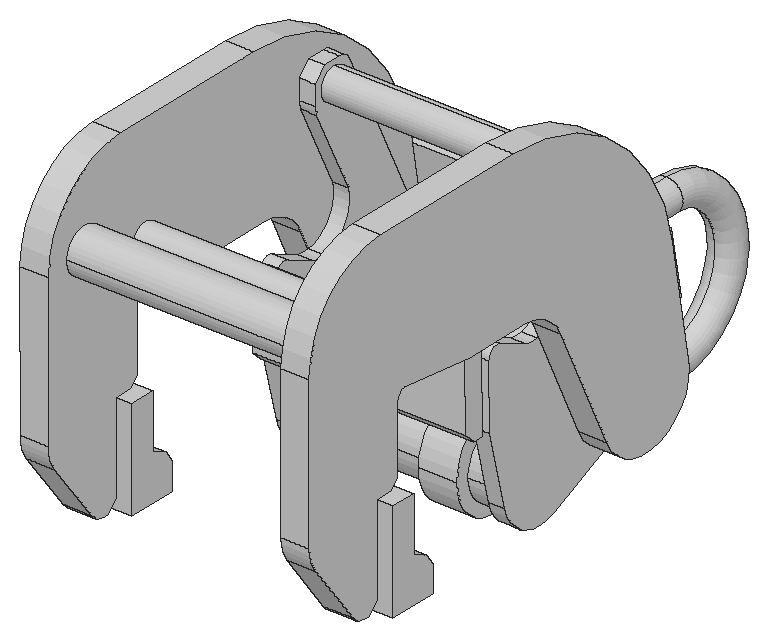
Revit family "EV_ORMA LIFTING HOOK_1900179", category Generic Models, Revit 2018
Family settings
  Can host rebar = No
  Round Connector Dimension = Use Diameter
  Part Type = Normal
  OmniClass Number = 35.51.14.00
  OmniClass Title = FORMWORK
  Work Plane-Based = Yes
  Always vertical = No
  Cut with Voids When Loaded = No
  Shared = Yes
  Room Calculation Point = No
Parameters
  VERSION = "20170217"  # constant formula
  URL = "www.ulmaconstruction.com/en"
  UNICLASS = ""
  Manufacturer = "ULMA CONSTRUCTION"  # constant formula
  ITEM_CODE = "1900179"
  FILTER [instance] = ""
  Default Elevation = 0.000 mm
  CLASSIFICATION_TITLE = ""
  CLASSIFICATION_NUMBER = ""
Reference planes
  plane 1 "Centro (Frontal/Posterior)": y = 0
  plane 2: z = 0
  plane 3 "Centro (Izquierda/Derecha)": x = 0
  plane 4 "01": through (4267.2, 122.718, -84.943) normal (0, 0.0069, -1)
Forms (mm)
  Extrusion 1, solid, material "ULMA ZINC", detail levels medium+fine
    sketch origin (0, 0, 0) x (0, 1, 0) y (0, 0, 1)
      loop
        line (7.823, 79) -> (-75, 79)
        arc (-75, 79) -> (-106.82, 65.82) -> (-120, 34) r 45
        line (-120, 34) -> (-120, -41.333)
        arc (-120, -41.333) -> (-118.974, -47.658) -> (-116, -53.333) r 20
        line (-116, -53.333) -> (-93, -84)
        arc (-93, -84) -> (-89.472, -86.944) -> (-85, -88) r 10
        line (-85, -88) -> (-83, -88) -> (-78, -83) -> (-78, -38) -> (-69, -38) -> (-65, -34) -> (-65, 0)
        arc (-65, 0) -> (-63.307, 3.75) -> (-59.375, 4.961) r 5
        line (-59.375, 4.961) -> (-20, 0) -> (14.438, 0)
        arc (14.438, 0) -> (27.871, -3.915) -> (37.096, -14.435) r 25
        line (37.096, -14.435) -> (65.53, -75.411)
        arc (65.53, -75.411) -> (95.703, -90.391) -> (116.998, -64.289) r 27
        line (116.998, -64.289) -> (106.304, -3.635)
        arc (106.304, -3.635) -> (72.102, 55.604) -> (7.823, 79) r 100
    from 58 to 72
  Extrusion 2, solid, material "ULMA ZINC", detail levels fine
    sketch origin (0, 0, 0) x (0, 1, 0) y (0, 0, 1)
      loop
        line (-53, -88) -> (-53, -74.5) -> (-57.059, -68.703) -> (-65, -65) -> (-65, -38) -> (-78, -38) -> (-78, -88) -> (-53, -88)
    from 50 to 80
  Extrusion 3, solid, material "ULMA ZINC", detail levels medium+fine
    sketch origin (0, 0, 0) x (0, 1, 0) y (0, 0, -1)
      loop
        arc (7.823, -79) -> (72.102, -55.604) -> (106.304, 3.635) r 100
        line (106.304, 3.635) -> (116.998, 64.289)
        arc (116.998, 64.289) -> (95.703, 90.391) -> (65.53, 75.411) r 27
        line (65.53, 75.411) -> (37.096, 14.435)
        arc (37.096, 14.435) -> (27.871, 3.915) -> (14.438, 0) r 25
        line (14.438, 0) -> (-20, 0) -> (-59.375, -4.961)
        arc (-59.375, -4.961) -> (-63.307, -3.75) -> (-65, 0) r 5
        line (-65, 0) -> (-65, 34) -> (-69, 38) -> (-78, 38) -> (-78, 83) -> (-83, 88) -> (-85, 88)
        arc (-85, 88) -> (-89.472, 86.944) -> (-93, 84) r 10
        line (-93, 84) -> (-116, 53.333)
        arc (-116, 53.333) -> (-118.974, 47.658) -> (-120, 41.333) r 20
        line (-120, 41.333) -> (-120, -34)
        arc (-120, -34) -> (-106.82, -65.82) -> (-75, -79) r 45
        line (-75, -79) -> (7.823, -79)
    from 58 to 72
  Extrusion 4, solid, material "ULMA ZINC", detail levels fine
    sketch origin (0, 0, 0) x (0, 1, 0) y (0, 0, 1)
      loop
        circle (-98, 37) r 11
    from -58 to 58
  Extrusion 5, solid, material "ULMA ZINC", detail levels fine
    sketch origin (0, 0, 0) x (0, 1, 0) y (0, 0, 1)
      loop
        circle (-60, 25) r 8
    from -58 to 58
  Extrusion 6, solid, material "ULMA ZINC", detail levels fine
    sketch origin (0, 0, 0) x (0, 1, 0) y (0, 0, 1)
      loop
        line (34.463, -22.978) -> (18.109, -15.557)
        arc (18.109, -15.557) -> (13.313, -15.921) -> (11.043, -20.162) r 5
        line (11.043, -20.162) -> (11.38, -52.812) -> (20.875, -90.826)
        arc (20.875, -90.826) -> (32.618, -105.289) -> (51.245, -105.558) r 22
        line (51.245, -105.558) -> (84.751, -90.485) -> (99.026, -84.063)
        arc (99.026, -84.063) -> (110.661, -71.558) -> (109.842, -54.497) r 22
        line (109.842, -54.497) -> (55.871, 58.19)
        arc (55.871, 58.19) -> (53.631, 60.691) -> (50.398, 61.598) r 6
        line (50.398, 61.598) -> (41.201, 61.503) -> (35.263, 55.441) -> (35.368, 45.291)
        arc (35.368, 45.291) -> (35.627, 43.129) -> (36.349, 41.075) r 10
        line (36.349, 41.075) -> (55.913, 0.226)
        arc (55.913, 0.226) -> (54.145, -15.021) -> (41.259, -23.361) r 18
        arc (41.259, -23.361) -> (37.842, -23.494) -> (34.463, -22.978) r 18
    from 49 to 57
  Extrusion 7, solid, material "ULMA ZINC", detail levels fine
    sketch origin (0, 0, 0) x (0, 1, 0) y (0, 0, 1)
      loop
        line (11.411, -55.811) -> (10.998, -15.814) -> (0.999, -15.917) -> (1.36, -50.915) -> (6.411, -55.863) -> (11.411, -55.811)
    from -53 to 53
  Extrusion 8, solid, material "ULMA ZINC", detail levels fine
    sketch origin (0, 0, 0) x (0, 1, 0) y (0, 0, -1)
      loop
        arc (34.463, 22.978) -> (37.842, 23.494) -> (41.259, 23.361) r 18
        arc (41.259, 23.361) -> (54.145, 15.021) -> (55.913, -0.226) r 18
        line (55.913, -0.226) -> (36.349, -41.075)
        arc (36.349, -41.075) -> (35.627, -43.129) -> (35.368, -45.291) r 10
        line (35.368, -45.291) -> (35.263, -55.441) -> (41.201, -61.503) -> (50.398, -61.598)
        arc (50.398, -61.598) -> (53.631, -60.691) -> (55.871, -58.19) r 6
        line (55.871, -58.19) -> (109.842, 54.497)
        arc (109.842, 54.497) -> (110.661, 71.558) -> (99.026, 84.063) r 22
        line (99.026, 84.063) -> (84.751, 90.485) -> (51.245, 105.558)
        arc (51.245, 105.558) -> (32.618, 105.289) -> (20.875, 90.826) r 22
        line (20.875, 90.826) -> (11.38, 52.812) -> (11.043, 20.162)
        arc (11.043, 20.162) -> (13.313, 15.921) -> (18.109, 15.557) r 5
        line (18.109, 15.557) -> (34.463, 22.978)
    from 49 to 57
  Extrusion 9, solid, material "ULMA ZINC", detail levels fine
    sketch origin (0, 0, 0) x (0, 1, 0) y (0, 0, 1)
      loop
        line (106.573, -4.867) -> (113.519, -44.259) -> (115.489, -43.912) -> (120.356, -36.961) -> (114.452, -3.478) -> (106.573, -4.867)
    from -65 to 65
  Extrusion 10, solid, material "ULMA ZINC", detail levels fine
    sketch origin (0, 0, 0) x (0, 1, 0) y (0, 0, 1)
      loop
        circle (46.308, 51.162) r 8
    from -49 to 49
  Extrusion 11, solid, material "ULMA ZINC", detail levels fine
    sketch origin (0, 0, 0) x (0, 1, 0) y (0, 0, 1)
      loop
        circle (42.219, -85.495) r 18
    from 36 to 48
  Extrusion 12, solid, material "ULMA ZINC", detail levels fine
    sketch origin (-55, 0, 0) x (0, 1, 0) y (0, 0, 1)
      loop
        circle (42.219, -85.495) r 18
    from 41 to 69
  Extrusion 13, solid, material "ULMA ZINC", detail levels fine
    sketch origin (-70, 0, 0) x (0, 1, 0) y (0, 0, 1)
      loop
        circle (42.219, -85.495) r 18
    from 22 to 34
  Sweep 14, solid, material "ULMA ZINC", detail levels fine
    path in 3D
      loop
        arc (0, 192.819, -45.937) -> (0, 231.209, -83.542) -> (0, 193.604, -121.933) r 38
        line (0, 193.604, -121.933) -> (0, 143.607, -122.449)
        arc (0, 143.607, -122.449) -> (0, 105.216, -84.844) -> (0, 142.822, -46.453) r 38
        line (0, 142.822, -46.453) -> (0, 192.819, -45.937)
    profile origin (0, 167.82, -46.195) x (0, -0.01033, 0.999947) y (1, 0, 0)
      loop
        circle (0, 0) r 8
  Extrusion 15, solid, material "ULMA ZINC", detail levels fine
    sketch origin (0, 0, 0) x (0, 1, 0) y (0, 0, 1)
      loop
        circle (90, -64) r 9
    from -58 to 58
  Extrusion 16, solid, material "ULMA ZINC", detail levels fine
    sketch origin (0, 0, 0) x (0, 1, 0) y (0, 0, 1)
      loop
        circle (42.219, -85.495) r 24
    from -35 to -16
  Extrusion 17, solid, material "ULMA ZINC", detail levels fine
    sketch origin (51, 0, 0) x (0, 1, 0) y (0, 0, 1)
      loop
        circle (42.219, -85.495) r 24
    from -35 to -16
  Sweep 18, solid, material "ULMA ZINC", detail levels fine
    path in 3D
      loop
        line (-25.5, 38.894, -85.518) -> (-25.5, 97.803, -85.114)
        arc (-25.5, 97.803, -85.114) -> (0, 123.302, -84.939) -> (25.5, 97.803, -85.114) r 25.5
        line (25.5, 97.803, -85.114) -> (25.5, 38.894, -85.518)
    profile origin (25.5, 68.349, -85.316) x (-1, 0, 0) y (0, 0.006858, -0.999976)
      loop
        circle (0, 0) r 9.5
  Extrusion 19, solid, material "ULMA ZINC", detail levels fine
    sketch origin (0, 0, 0) x (0, 1, 0) y (0, 0, 1)
      loop
        line (-53, -88) -> (-53, -74.5) -> (-57.059, -68.703) -> (-65, -65) -> (-65, -38) -> (-78, -38) -> (-78, -88) -> (-53, -88)
    from -50 to -80
Lines and regions (mm)
  reference lines
    curve 1: line (0, 142.822, -46.453) -> (0, 192.819, -45.937)
    curve 2: arc (0, 192.819, -45.937) -> (0, 231.209, -83.542) -> (0, 193.604, -121.933) r 38
    curve 3: line (0, 193.604, -121.933) -> (0, 143.607, -122.449)
    curve 4: arc (0, 143.607, -122.449) -> (0, 105.216, -84.844) -> (0, 142.822, -46.453) r 38
    curve 9: line (-25.5, 38.894, -85.518) -> (-25.5, 97.803, -85.114)
    curve 10: line (25.5, 97.803, -85.114) -> (25.5, 38.894, -85.518)
    curve 11: arc (-25.5, 97.803, -85.114) -> (0, 123.302, -84.939) -> (25.5, 97.803, -85.114) r 25.5
  sketch lines
    curve 5: line (0, 142.822, -46.453) -> (0, 192.819, -45.937)
    curve 6: arc (0, 143.607, -122.449) -> (0, 105.216, -84.844) -> (0, 142.822, -46.453) r 38
    curve 7: arc (0, 192.819, -45.937) -> (0, 231.209, -83.542) -> (0, 193.604, -121.933) r 38
    curve 8: line (0, 193.604, -121.933) -> (0, 143.607, -122.449)
    curve 12: line (25.5, 97.803, -85.114) -> (25.5, 38.894, -85.518)
    curve 13: arc (-25.5, 97.803, -85.114) -> (0, 123.302, -84.939) -> (25.5, 97.803, -85.114) r 25.5
    curve 14: line (-25.5, 38.894, -85.518) -> (-25.5, 97.803, -85.114)
Dimensions and locks
  aligned and locked: level to plane 2
